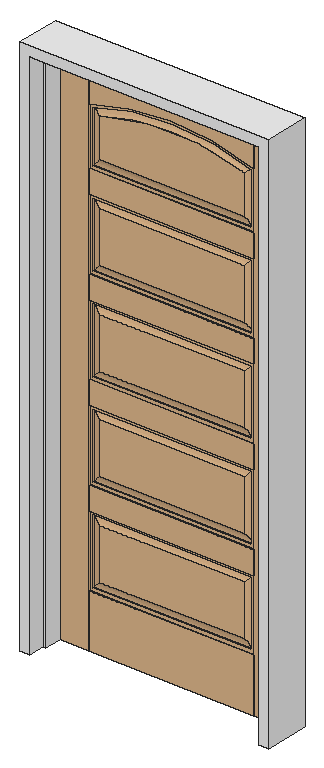
Revit family
Parameters (values of type "1 3/4" Raised Panel")
  URL = "http://www.karonadoor.com"
  Thickness Note = "Do not edit thickness."  # constant formula
  Thickness = 1.774"
  Swing Angle 2D = 90.00°
  SmartBIM Object Version = 1  # constant formula
  SmartBIM Object Created By = "Reed Construction Data"  # constant formula
  Rough Width = 0.000"
  Rough Height = 1.750"
  Panel = Panel_A3050_Karona : 1 3/4" Raised
  Model = "A3050 Mission"  # constant formula
  Manufacturer = "Karona , Inc."  # constant formula
  Door Panel = Wood, Cherry - Grain Vertical
  Detail Door Thickness = 1.750"
  Assembly Code = ""
  Top Rail Height = 5.000"
  Top Rail = Wood, Cherry - Grain Horizontal
  Stile Width = 5.063"
  Stile = Wood, Cherry - Grain Vertical
  Sticking = Wood, Cherry - Grain Vertical
  Middle Rail = Wood, Cherry - Grain Horizontal
  Height = 84.000"
  Wall Closure = (empty or 0)
  Width = 36.000"
  Frame = Metal
  Bottom Rail Height = 8.500"
  Bottom Rail = Wood, Cherry - Grain Horizontal
  95 CSI = "08210"  # constant formula
  04 CSI = "08 14 33"  # constant formula
Types (9): name | Thickness | Rough Height | Panel | Door Panel | Detail Door Thickness
  1 3/4" Flat Panel | 1.774" | 1.750" | Panel_A3050_Karona : 1 3/4" - Flat Panel | Wood, Cherry - Grain Vertical | 1.750"
  1 3/8" Flat Panel | 1.334" | 0.000" | Panel_A3050_Karona : 1 3/8" - Flat Panel | Wood, Cherry - Grain Vertical | 1.375"
  2 1/4" Flat Panel | 2.250" | 0.000" | Panel_A3050_Karona : 2 1/4" - Flat Panel | Wood, Cherry - Grain Vertical | 2.250"
  1 3/4" Glass Panel | 1.774" | 1.750" | Panel_A3050_Karona : 1 3/4" - Glass Panel | Glass | 1.750"
  1 3/8" Glass Panel | 1.334" | 0.000" | Panel_A3050_Karona : 1 3/8" - Glass Panel | Glass | 1.375"
  2 1/4" Glass Panel | 2.250" | 0.000" | Panel_A3050_Karona : 2 1/4" - Glass | Glass | 2.250"
  1 3/4" Raised Panel | 1.774" | 1.750" | Panel_A3050_Karona : 1 3/4" Raised | Wood, Cherry - Grain Vertical | 1.750"
  1 3/8" Raised Panel | 1.334" | 0.000" | Panel_A3050_Karona : 1 3/8"Raised | Wood, Cherry - Grain Vertical | 1.375"
  2 1/4" Raised Panel | 2.250" | 0.000" | Panel_A3050_Karona : 2 1/4" Raised | Wood, Cherry - Grain Vertical | 2.250"
Reference planes (in)
  plane 1 "Center (Front/Back)": y = 0
  plane 2 "Center (Left/Right)": x = 0
  plane 3 "Left": x = -18
  plane 4 "Right": x = 18
  plane 5 "Top": z = 84
  plane 6 "Exterior Edge of Frame": y = 2.334
  plane 7 "Interior Edge of Frame": y = -4.666
  plane 8: y = 0.56
  plane 9: y = -2.166
  plane 10 "Opening Left": x = -19.5
  plane 11 "Opening Right": x = 19.5
  plane 12 "Top of Opening": z = 85.5
  plane 13: x = -17.5
Forms (in)
  Sweep 1, solid, material "Metal" <- "Frame"
    path origin (0, 0, 0) x (1, 0, 0) y (0, 0, 1)
      loop
        line (-19.5, 0) -> (-19.5, 85.5) -> (19.5, 85.5) -> (19.5, 0)
    profile origin (-19.5, 0, 42.75) x (-1, 0, 0) y (0, -1, 0)
      loop
        line (0, -2.334) -> (0, 4.666) -> (-1.5, 4.666) -> (-1.5, 2.166) -> (-2, 2.166) -> (-2, -0.56) -> (-1.5, -0.56) -> (-1.5, -2.334) -> (0, -2.334)
Lines and regions (in)
  Opening 1
    outline origin (-90, -4.166, 0) x (1, 0, 0) y (0, 0, 1)
      loop
        line (70.5, 0) -> (109.5, 0) -> (109.5, 85.5) -> (70.5, 85.5) -> (70.5, 0)
  symbolic lines, style "Elevation Swing"
    curve 1: line (18, 1.834, 0) -> (-18, 1.834, 42)
    curve 2: line (-18, 1.834, 42) -> (18, 1.834, 84)
Text (in)
  text "Exterior" at (-46.13199, -14.93641, 0), in view "Ref. Level"
  text "Interior" at (-46.13199, 29.36774, 0), in view "Ref. Level"
  text "Exterior" at (0, 40.15149, 123.01588), in view "Right"
  text "Interior" at (0, -64.39139, 123.01588), in view "Right"
  text "Interior" at (0, -31.01599, 123.00693), in view "Left"
  text "Exterior" at (0, 54.57065, 123.00693), in view "Left"
Dimensions and locks (in)
  "Height": level to plane 5 "Top"
  "Width": plane 3 "Left" to plane 4 "Right"
  equal spacing: host wall, curve 2, plane 5 "Top"
  locked: host wall to plane 7 "Interior Edge of Frame" at 0.5
  locked: plane 6 "Exterior Edge of Frame" to host wall at 0.5
  locked: plane 9 to plane 7 "Interior Edge of Frame" at 2.5
  "Thickness": plane 6 "Exterior Edge of Frame" to plane 8
  equal spacing: plane 3 "Left", plane 2 "Center (Left/Right)", plane 4 "Right"
  locked: plane 4 "Right" to plane 11 "Opening Right" at 1.5
  locked: plane 5 "Top" to plane 12 "Top of Opening" at 1.5
  locked: plane 3 "Left" to plane 13 at 0.5
  locked: plane 10 "Opening Left" to plane 3 "Left" at 1.5
  aligned and locked: Opening 1 sketch curve to level
  aligned and locked: plane 4 "Right" to curve 1
  aligned and locked: plane 3 "Left" to curve 1
  aligned and locked: plane 5 "Top" to curve 2
  aligned and locked: Opening 1 sketch curve to plane 11 "Opening Right"
  aligned and locked: plane 12 "Top of Opening" to Opening 1 sketch curve
  aligned and locked: Opening 1 sketch curve to plane 10 "Opening Left"
  aligned and locked: plane 10 "Opening Left" to Sweep 1 sketch curve
  aligned and locked: plane 12 "Top of Opening" to Sweep 1 sketch curve
  aligned and locked: plane 11 "Opening Right" to Sweep 1 sketch curve
  aligned and locked: level to Sweep 1 sketch curve  (x2)
  aligned and locked: Sweep 1 sketch curve to plane 10 "Opening Left"
  aligned and locked: Sweep 1 sketch curve to plane 6 "Exterior Edge of Frame"
  aligned and locked: Sweep 1 sketch curve to plane 7 "Interior Edge of Frame"
  aligned and locked: Sweep 1 sketch curve to plane 8
  aligned and locked: Sweep 1 sketch curve to plane 9
  aligned and locked: plane 13 to Sweep 1 sketch curve
  aligned and locked: plane 3 "Left" to Sweep 1 sketch curve  (x2)
  aligned and locked: nested 2 to plane 3 "Left"
  aligned and locked: nested 2 to plane 8
  aligned and locked: nested 1 to plane 6 "Exterior Edge of Frame"
Automatic sketch dimensions
  curve 1 to level = 0.000"
  curve 2 to plane 4 "Right" = 0.000"
Nested families (in)
  nested 1: "Panel_A3050_Karona" at (-13.5, 0.45519, -1) x (-1, 0, 0) z (0, 0, 1), type <- "Panel", type "1 3/4" Raised"
    with Top Rail Height 5.000", Thickness 1.774", Stile Width 5.063", Radius Vertical Center 43.92188", Panel Width 25.874", Panel Height 11.19687"
  nested 2: "Door Panel Plan View" at (-31.5, 0.56, 0) x (-1, 0, 0) z (0, 0, 1), type "Door Panel Plan View"
    with Thickness 1.750", Height 84.000"
Definition of nested family "Panel_A3050_Karona"
  Parameters (values of type "2 1/4" - Glass")
    Width = 36.000"
    Top Rail Material = Wood, Cherry - Grain Horizontal
    Top Rail Height = 7.07812"
    Thickness Note = "Do not change door thickness"  # constant formula
    Thickness = 2.250"
    Stile Width = 5.0625"
    Stile Material = Wood, Cherry - Grain Vertical
    Sticking Material = Wood, Cherry - Grain Vertical
    Radius Vertical Center = 38.92188" + Top Rail Height  # 46.000"
    Radius = 33.63672"  # constant formula
    Panel Width = Width - (2 * Stile Width)  # 25.875"
    Panel Height = (Height - (Bottom Rail + Top Rail Height + (4 * Middle Strip Width))) / 5  # 10.78438"
    Panel = Glass-Sticking-Assembly-Mission_Karona : Glass Panel
    Middle Strip Width = 3.625"
    Height = 84.000"
    Door Panel Material = Glass
    Default Elevation = 0.000"  # constant formula
    Bottom Rail Material = Wood, Cherry - Grain Horizontal
    Bottom Rail = 8.500"
    Assembly Code = ""
    Arch Panel = Glass-Sticking-Arched-Assembly-Mission_Karona : Glass Panel
  Types (9): name | Top Rail Height | Thickness | Stile Width | Panel Width | Panel Height | Panel | Middle Strip Width | Door Panel Material | Arch Panel
    1 3/8"Raised | 7.07812" | 1.375" | 5.0625" | 25.875" | 10.78438" | Glass-Sticking-Assembly-Mission_Karona : Raised Panel | 3.625" | Wood, Cherry - Grain Vertical | Glass-Sticking-Arched-Assembly-Mission_Karona : Raised Panel
    2 1/4" Raised | 7.07813" | 2.250" | 5.0625" | 25.875" | 10.78438" | Glass-Sticking-Assembly-Mission_Karona : Raised Panel | 3.625" | Wood, Cherry - Grain Vertical | Glass-Sticking-Arched-Assembly-Mission_Karona : Raised Panel
    1 3/4" Raised | 7.07812" | 1.77344" | 5.05859" | 25.88281" | 10.78125" | Glass-Sticking-Assembly-Mission_Karona : Raised Panel | 3.62891" | Wood, Cherry - Grain Vertical | Glass-Sticking-Arched-Assembly-Mission_Karona : Raised Panel
    1 3/8" - Flat Panel | 7.07813" | 1.77344" | 5.0625" | 25.875" | 10.78438" | Glass-Sticking-Assembly-Mission_Karona : Flat Panel | 3.625" | Wood, Cherry - Grain Vertical | Glass-Sticking-Arched-Assembly-Mission_Karona : Flat Panel
    1 3/8" - Glass Panel | 7.07812" | 1.375" | 5.0625" | 25.875" | 10.78438" | Glass-Sticking-Assembly-Mission_Karona : Glass Panel | 3.625" | Glass | Glass-Sticking-Arched-Assembly-Mission_Karona : Glass Panel
    1 3/4" - Glass Panel | 7.07812" | 1.750" | 5.0625" | 25.875" | 10.78438" | Glass-Sticking-Assembly-Mission_Karona : Glass Panel | 3.625" | Glass | Glass-Sticking-Arched-Assembly-Mission_Karona : Glass Panel
    1 3/4" - Flat Panel | 7.07813" | 1.77344" | 5.0625" | 25.875" | 10.78438" | Glass-Sticking-Assembly-Mission_Karona : Flat Panel | 3.625" | Wood, Cherry - Grain Vertical | Glass-Sticking-Arched-Assembly-Mission_Karona : Glass Panel
    2 1/4" - Glass | 7.07812" | 2.250" | 5.0625" | 25.875" | 10.78438" | Glass-Sticking-Assembly-Mission_Karona : Glass Panel | 3.625" | Glass | Glass-Sticking-Arched-Assembly-Mission_Karona : Glass Panel
    2 1/4" - Flat Panel | 7.07813" | 2.250" | 5.063" | 25.874" | 10.78438" | Glass-Sticking-Assembly-Mission_Karona : Flat Panel | 3.625" | Wood, Cherry - Grain Vertical | Glass-Sticking-Arched-Assembly-Mission_Karona : Glass Panel
  Reference planes (in)
    plane 1 "Center (Front/Back)": y = 1.22981
    plane 2: z = 1
    plane 3 "Center (Left/Right)": x = -13.5
    plane 4 "Left": x = -31.5
    plane 5: x = 4.5
    plane 6 "Inner Left": x = -26.4375
    plane 7: x = -15.3125
    plane 8 "Inner Right": x = -0.5625
    plane 9: x = -11.6875
    plane 10: z = 9.5
    plane 11 "Bottom Of Top Rail": z = 77.92187
    plane 12 "Top": z = 85
    plane 13 "Interior Edge of Door": y = 2.35481
    plane 14 "Exterior Edge of Door": y = 0.10481
    plane 15 "Bottom of Glass": y = 0.9095
    plane 16: x = -20.875
    plane 17: x = -6.125
    plane 18: z = 65.325
    plane 19: z = 36.50625
    plane 20: z = 22.09687
    plane 21: z = 63.5125
    plane 22: z = 67.1375
    plane 23: z = 34.69375
    plane 24: z = 38.31875
    plane 25: z = 23.90937
    plane 26: z = 20.28437
    plane 27: z = 52.72812
    plane 28: z = 50.91562
    plane 29: z = 49.10312
    plane 30 "Radius Vertical Center": z = 39
  Forms (in)
    Extrusion 1, solid, material "Wood, Cherry - Grain Horizontal" <- "Bottom Rail Material"
      sketch origin (0, -101.3125, 8.83203) x (1, 0, 0) y (0, 0, 1)
        loop
          line (-26.4375, -7.83203) -> (-0.5625, -7.83203) -> (-0.5625, 0.66797) -> (-26.4375, 0.66797) -> (-26.4375, -7.83203)
      from -103.66731 to -101.41731
    Extrusion 2, solid, material "Wood, Cherry - Grain Vertical" <- "Stile Material"
      sketch origin (0, 1.22981, 8.83203) x (1, 0, 0) y (0, 0, 1)
        loop
          line (-31.5, 76.16797) -> (-31.5, -7.83203) -> (-26.4375, -7.83203) -> (-26.4375, 76.16797) -> (-31.5, 76.16797)
        loop
          line (-0.5625, -7.83203) -> (4.5, -7.83203) -> (4.5, 76.16797) -> (-0.5625, 76.16797) -> (-0.5625, -7.83203)
      from -1.125 to 1.125
    Extrusion 3, solid, material "Wood, Cherry - Grain Horizontal" <- "Bottom Rail Material"
      sketch origin (0, 1.22981, -18.16797) x (1, 0, 0) y (0, 0, 1)
        loop
          line (-26.4375, 85.30547) -> (-26.4375, 81.68047) -> (-0.5625, 81.68047) -> (-0.5625, 85.30547) -> (-26.4375, 85.30547)
        loop
          line (-26.4375, 56.48672) -> (-26.4375, 52.86172) -> (-0.5625, 52.86172) -> (-0.5625, 56.48672) -> (-26.4375, 56.48672)
        loop
          line (-26.4375, 42.07734) -> (-26.4375, 38.45234) -> (-0.5625, 38.45234) -> (-0.5625, 42.07734) -> (-26.4375, 42.07734)
        loop
          line (-0.5625, 70.89609) -> (-26.4375, 70.89609) -> (-26.4375, 67.27109) -> (-0.5625, 67.27109) -> (-0.5625, 70.89609)
      from -1.125 to 1.125
    Extrusion 4, solid, material "Wood, Cherry - Grain Horizontal" <- "Top Rail Material"
      sketch origin (0, 1.22981, 0) x (1, 0, 0) y (0, 0, 1)
        loop
          line (-26.4375, 85) -> (-26.4375, 75.71004)
          arc (-26.4375, 75.71004) -> (-13.5, 77.92308) -> (-0.5625, 75.71004) r 38.92308
          line (-0.5625, 75.71004) -> (-0.5625, 85) -> (-26.4375, 85)
      from -1.125 to 1.125
  Lines and regions (in)
    symbolic lines, style "InvisibleLines"
      curve 1: line (-13.5, 2.35481, 85) -> (-13.5, 0.10481, 85)
  Text (in)
    text "EXTERIOR" at (-34.59289, -1.27941, 0), in view "Ref. Level"
    text "EXTERIOR" at (0, -9.65287, 72.76687), in view "Left"
    text "EXTERIOR" at (0, -33.33473, 96.68074), in view "Right"
  Dimensions and locks (in)
    equal spacing: plane 4 "Left", plane 3 "Center (Left/Right)", plane 5
    "Width": plane 4 "Left" to plane 5
    "Stile Width": plane 4 "Left" to plane 6 "Inner Left"
    "Stile Width": plane 5 to plane 8 "Inner Right"
    "Middle Strip Width": plane 9 to plane 7
    equal spacing: plane 9, plane 3 "Center (Left/Right)", plane 7
    "Bottom Rail": plane 10 to plane 2
    "Top Rail Height": plane 12 "Top" to plane 11 "Bottom Of Top Rail"
    "Height": plane 12 "Top" to plane 2
    equal spacing: plane 13 "Interior Edge of Door", plane 1 "Center (Front/Back)", plane 14 "Exterior Edge of Door"
    "Thickness": plane 13 "Interior Edge of Door" to plane 14 "Exterior Edge of Door"
    locked: plane 15 "Bottom of Glass" to plane 14 "Exterior Edge of Door" at 0.80469
    equal spacing: plane 7, plane 16, plane 6 "Inner Left"
    equal spacing: plane 8 "Inner Right", plane 17, plane 9
    equal spacing: plane 25, plane 20, plane 26
    "Middle Strip Width": plane 25 to plane 26
    equal spacing: plane 24, plane 19, plane 23
    "Middle Strip Width": plane 24 to plane 23
    equal spacing: plane 22, plane 18, plane 21
    "Middle Strip Width": plane 22 to plane 21
    "Panel Height": plane 11 "Bottom Of Top Rail" to plane 22
    "Panel Height": plane 23 to plane 25
    equal spacing: plane 27, plane 28, plane 29
    "Panel Height": plane 29 to plane 24
    "Middle Strip Width": plane 27 to plane 29
    "Panel Height": plane 21 to plane 27
    "Radius Vertical Center": plane 12 "Top" to plane 30 "Radius Vertical Center"
    plane 26 to plane 10 = 10.78437"
    radius of Extrusion 4 sketch curve = 38.92308"
    aligned and locked: Extrusion 1 to plane 2
    aligned and locked: plane 13 "Interior Edge of Door" to Extrusion 1
    aligned and locked: plane 4 "Left" to Extrusion 2 sketch curve
    aligned and locked: Extrusion 2 sketch curve to plane 12 "Top"
    aligned and locked: Extrusion 2 sketch curve to Extrusion 1  (x3)
    aligned and locked: Extrusion 1 to Extrusion 2 sketch curve
    aligned and locked: plane 12 "Top" to Extrusion 2 sketch curve
    aligned and locked: plane 5 to Extrusion 2 sketch curve
    aligned and locked: plane 13 "Interior Edge of Door" to Extrusion 2
    aligned and locked: Extrusion 2 to plane 14 "Exterior Edge of Door"
    aligned and locked: Extrusion 1 to Extrusion 2
    aligned and locked: Extrusion 2 to plane 8 "Inner Right"
    aligned and locked: plane 22 to Extrusion 3 sketch curve
    aligned and locked: plane 21 to Extrusion 3 sketch curve
    aligned and locked: Extrusion 3 sketch curve to plane 8 "Inner Right"
    aligned and locked: plane 6 "Inner Left" to Extrusion 3 sketch curve  (x3)
    aligned and locked: plane 24 to Extrusion 3 sketch curve
    aligned and locked: Extrusion 2 to Extrusion 3 sketch curve  (x2)
    aligned and locked: plane 23 to Extrusion 3 sketch curve
    aligned and locked: plane 25 to Extrusion 3 sketch curve
    aligned and locked: plane 26 to Extrusion 3 sketch curve
    aligned and locked: plane 13 "Interior Edge of Door" to Extrusion 3
    aligned and locked: Extrusion 3 to plane 14 "Exterior Edge of Door"
    aligned and locked: level to plane 2
    aligned and locked: Extrusion 3 to plane 25
    aligned and locked: plane 25 to nested 1
    aligned and locked: plane 3 "Center (Left/Right)" to nested 2
    aligned and locked: plane 3 "Center (Left/Right)" to nested 1
    aligned and locked: curve 1 to Extrusion 1
    aligned and locked: curve 1 to plane 3 "Center (Left/Right)"
    aligned and locked: Extrusion 3 to plane 6 "Inner Left"
    aligned and locked: plane 8 "Inner Right" to Extrusion 3 sketch curve
    aligned and locked: plane 27 to Extrusion 3 sketch curve
    aligned and locked: Extrusion 3 to plane 21
    aligned and locked: Extrusion 3 to plane 29
    aligned and locked: plane 27 to Extrusion 3
    aligned and locked: Extrusion 3 to plane 22
    aligned and locked: plane 5 to Extrusion 2
    aligned and locked: Extrusion 2 to level  (x2)
    aligned and locked: Extrusion 1 to level
    aligned and locked: plane 4 "Left" to Extrusion 2
    aligned and locked: plane 12 "Top" to Extrusion 2  (x2)
    aligned and locked: Extrusion 4 sketch curve to plane 12 "Top"
    aligned and locked: Extrusion 4 sketch curve to plane 8 "Inner Right"
    aligned and locked: Extrusion 4 sketch curve to plane 6 "Inner Left"
    aligned and locked: plane 30 "Radius Vertical Center" to Extrusion 4 sketch curve
    aligned and locked: plane 3 "Center (Left/Right)" to Extrusion 4 sketch curve
    aligned and locked: plane 13 "Interior Edge of Door" to Extrusion 4
    aligned and locked: Extrusion 4 to plane 14 "Exterior Edge of Door"
    aligned and locked: nested 4 to plane 10
    aligned and locked: plane 3 "Center (Left/Right)" to nested 4
    aligned and locked: plane 24 to nested 2
    aligned and locked: nested 3 to plane 27
    aligned and locked: nested 3 to nested 2
    aligned and locked: plane 3 "Center (Left/Right)" to nested 3
    aligned and locked: plane 3 "Center (Left/Right)" to nested 5
    aligned and locked: plane 22 to nested 5
    aligned and locked: nested 5 to plane 1 "Center (Front/Back)"
  Automatic sketch dimensions
    Extrusion 1 sketch curve to plane 6 "Inner Left" = 0.000"
    Extrusion 1 sketch curve to plane 8 "Inner Right" = 0.000"
    Extrusion 1 sketch curve to level = 0.000"
    Extrusion 1 sketch curve to plane 10 = 0.000"
    Extrusion 3 sketch curve to plane 6 "Inner Left" = 0.000"
    Extrusion 3 sketch curve to plane 29 = 0.000"
    curve 1 to plane 14 "Exterior Edge of Door" = 0.000"
  Nested families (in)
    nested 1: "Glass-Sticking-Assembly-Mission_Karona" at (-13.96875, 1.12831, 23.90937), Width <- "Panel Width", Height <- "Panel Height", type <- "Panel", type "Glass Panel"
      with Width 25.875", Height 10.78438", Door Thickness 2.250", C 0.439", B 0.803", A 0.433"
    nested 2: "Glass-Sticking-Assembly-Mission_Karona" at (-13.96875, 1.12831, 38.31875), Width <- "Panel Width", Height <- "Panel Height", type <- "Panel", type "Glass Panel"
      with Width 25.875", Height 10.78438", Door Thickness 2.250", C 0.439", B 0.803", A 0.433"
    nested 3: "Glass-Sticking-Assembly-Mission_Karona" at (-13.96875, 1.12831, 52.72812), Width <- "Panel Width", Height <- "Panel Height", type <- "Panel", type "Glass Panel"
      with Width 25.875", Height 10.78438", Door Thickness 2.250", C 0.439", B 0.803", A 0.433"
    nested 4: "Glass-Sticking-Assembly-Mission_Karona" at (-13.96875, 1.12831, 9.5), Width <- "Panel Width", Height <- "Panel Height", type <- "Panel", type "Glass Panel"
      with Width 25.875", Height 10.78438", Door Thickness 2.250", C 0.439", B 0.803", A 0.433"
    nested 5: "Glass-Sticking-Arched-Assembly-Mission_Karona" at (-13.96875, 1.37831, 67.1375), type <- "Arch Panel", Width <- "Panel Width", Height <- "Panel Height", type "Glass Panel"
      with Width 25.875", Radius 38.922", Height 10.78438", Drop 2.2131", Curve Adjustment 38.922"
  Definition of nested family "Glass-Sticking-Assembly-Mission_Karona"
    Parameters (values of type "Raised Panel")
      Width [instance] = 10.000"
      Stop Adjustment = if(and(not(Glass Panel), Door Thickness = 1.774"), 0.513", if(and(not(Glass Panel), Door Thickness = 2.250"), 0.513", if((Glass Panel), 0.125", 0.273")))  # 0.273"
      Profile = Wood, Cherry - Grain Vertical
      Height [instance] = 10.000"
      Raised Panel = yes
      Interior Panel = Wood, Cherry - Grain Vertical
      Glass Panel = no
      Door Thickness = 1.334"
      C = if(Door Thickness = 1.774", 0.200", if(Door Thickness = 2.250", 0.439", 0.191"))  # 0.191"
      B = if(Door Thickness = 1.774", 0.567", if(Door Thickness = 2.250", 0.803", 0.469"))  # 0.469"
      Assembly Code = ""
      A = if(Door Thickness = 1.774", 0.197", if(Door Thickness = 2.250", 0.433", 0.194"))  # 0.194"
    Types (3): name | Width | Stop Adjustment | Height | Raised Panel | Glass Panel | Door Thickness
      Glass Panel | 19.000" | 0.125" | 23.000" | no | yes | 1.750"
      Flat Panel | 4.500" | 0.273" | 23.000" | no | no | 1.750"
      Raised Panel | 10.000" | 0.273" | 10.000" | yes | no | 1.334"
    Reference planes (in)
      plane 1 "Stop Adjustment Edge": y = -0.3455
      plane 2: z = 0
      plane 3 "Center (Left/Right)": x = 0.46875
      plane 4 "Back": y = 0.3945
      plane 5 "Front": y = -0.9395
      plane 6 "Left": x = -4.53125
      plane 7 "Right": x = 5.46875
      plane 8 "Top": z = 10
      plane 9 "Center (Up/Down)": z = 5
      plane 10 "Bottom of Stop": y = -0.0725
      plane 11 "Bottom of Glass": y = -0.4705
      plane 12 "Right Edge of Glass": x = 5.41875
      plane 13 "Left Edge of Glass": x = -4.48125
      plane 14 "Top Edge of Glass": z = 9.90625
      plane 15 "Bottom Edge of Glass": z = 0.09375
      plane 16: x = 5.34375
      plane 17: x = 9.40625
      plane 18 "A": y = -0.7455
      plane 19 "C": y = 0.2035
      plane 20: z = 0.438
      plane 21: z = 9.562
      plane 22: x = -4.09325
      plane 23: x = 5.03075
      plane 24 "Center (Front/Back)": y = -0.2725
    Forms (in)
      Sweep 1, solid, material "Wood, Cherry - Grain Vertical" <- "Profile"
        path origin (0, -0.3455, 0) x (1, 0, 0) y (0, 0, 1)
          loop
            line (5.46875, 10) -> (-4.53125, 10) -> (-4.53125, 0) -> (5.46875, 0) -> (5.46875, 10)
        profile origin (5.46875, -0.3455, 5) x (0, -1, 0) y (1, 0, 0)
          loop
            line (-0.549, 0) -> (-0.549, -0.438) -> (-0.273, -0.438) -> (-0.273, -0.05) -> (0.125, -0.05) -> (0.125, -0.438) -> (0.4, -0.438) -> (0.4, 0) -> (-0.549, 0)
      Extrusion 2, solid, material "Wood, Cherry - Grain Vertical" <- "Interior Panel"
        sketch origin (0, 0, 0) x (1, 0, 0) y (0, 1, 0)
          loop
            line (-4.48125, -0.0725) -> (-4.48125, -0.4705) -> (5.41875, -0.4705) -> (5.41875, -0.0725) -> (-4.48125, -0.0725)
        from 0.09375 to 9.90625
      Extrusion 3, solid, material "Wood, Cherry - Grain Vertical" <- "Profile", visible <- "Raised Panel"
        sketch origin (0, 0, 0) x (1, 0, 0) y (0, 1, 0)
          loop
            line (5.03075, 0.2035) -> (-4.09325, 0.2035) -> (-4.09325, -0.0725) -> (5.03075, -0.0725) -> (5.03075, 0.2035)
          loop
            line (-4.09325, -0.4705) -> (-4.09325, -0.7455) -> (5.03075, -0.7455) -> (5.03075, -0.4705) -> (-4.09325, -0.4705)
        from 0.438 to 9.562
      Sweep 4, void
        path origin (0, -0.0725, 0) x (-1, 0, 0) y (0, 0, 1)
          loop
            line (4.53125, 0) -> (4.53125, 10) -> (-5.46875, 10) -> (-5.46875, 0) -> (4.53125, 0)
        profile "Profile : 05" origin (-4.53125, -0.0725, 5) x (1, 0, 0) y (0, 1, 0)
          loop
            line (0, 0.05) -> (0.36169, 0.05096)
            arc (0.36169, 0.05096) -> (1.01257, 0.13642) -> (1.61934, 0.387) r 2.52143
            line (1.61934, 0.387) -> (0, 0.387) -> (0, 0.05)
      Sweep 5, void
        path origin (0, -0.4705, 0) x (-1, 0, 0) y (0, 0, 1)
          loop
            line (-5.46875, 10) -> (-5.46875, 0) -> (4.53125, 0) -> (4.53125, 10) -> (-5.46875, 10)
        profile "Profile : 05" origin (5.46875, -0.4705, 5) x (-1, 0, 0) y (0, 1, 0)
          loop
            line (0, -0.05) -> (0, -0.387) -> (1.61934, -0.387)
            arc (1.61934, -0.387) -> (1.01257, -0.13642) -> (0.36169, -0.05096) r 2.52143
            line (0.36169, -0.05096) -> (0, -0.05)
    Cuts and joins
      Sweep 4, Sweep 5 cuts Extrusion 3
    Text (in)
      text "INTERIOR" at (-14.3788, 3.49864, 0), in view "Ref. Level"
    Dimensions and locks (in)
      equal spacing: plane 6 "Left", plane 3 "Center (Left/Right)", plane 7 "Right"
      "Width": plane 6 "Left" to plane 7 "Right"
      "Door Thickness": plane 4 "Back" to plane 5 "Front"
      "Height": plane 8 "Top" to plane 2
      equal spacing: plane 8 "Top", plane 9 "Center (Up/Down)", level
      locked: plane 1 "Stop Adjustment Edge" to plane 11 "Bottom of Glass" at 0.125
      "Stop Adjustment": plane 10 "Bottom of Stop" to plane 1 "Stop Adjustment Edge"
      locked: plane 12 "Right Edge of Glass" to plane 7 "Right" at 0.05
      locked: plane 8 "Top" to plane 14 "Top Edge of Glass" at 0.09375
      locked: plane 15 "Bottom Edge of Glass" to level at 0.09375
      locked: plane 6 "Left" to plane 13 "Left Edge of Glass" at 0.05
      "B": plane 5 "Front" to plane 11 "Bottom of Glass"
      locked: plane 16 to plane 7 "Right" at 0.125
      "A": plane 5 "Front" to plane 18 "A"
      "C": plane 19 "C" to plane 4 "Back"
      plane 4 "Back" to Sweep 1 = 0.467"
      locked: plane 20 to level at 0.438
      locked: plane 8 "Top" to plane 21 at 0.438
      locked: plane 6 "Left" to plane 22 at 0.438
      locked: plane 23 to plane 7 "Right" at 0.438
      equal spacing: plane 4 "Back", plane 24 "Center (Front/Back)", plane 5 "Front"
      aligned and locked: Sweep 1 sketch curve to plane 7 "Right"
      aligned and locked: Sweep 1 sketch curve to plane 8 "Top"
      aligned and locked: Sweep 1 sketch curve to plane 6 "Left"
      aligned and locked: Sweep 1 sketch curve to level
      aligned and locked: plane 7 "Right" to Sweep 1 sketch curve
      aligned and locked: plane 10 "Bottom of Stop" to Sweep 1 sketch curve
      aligned and locked: plane 11 "Bottom of Glass" to Sweep 1 sketch curve
      aligned and locked: plane 18 "A" to Sweep 1 sketch curve
      aligned and locked: Sweep 1 sketch curve to plane 19 "C"
      aligned and locked: Extrusion 2 sketch curve to plane 13 "Left Edge of Glass"
      aligned and locked: Extrusion 2 sketch curve to plane 10 "Bottom of Stop"
      aligned and locked: Extrusion 2 sketch curve to plane 11 "Bottom of Glass"
      aligned and locked: Extrusion 2 sketch curve to plane 12 "Right Edge of Glass"
      aligned and locked: plane 14 "Top Edge of Glass" to Extrusion 2
      aligned and locked: Extrusion 2 to plane 15 "Bottom Edge of Glass"
      aligned and locked: Extrusion 3 sketch curve to plane 19 "C"
      aligned and locked: Extrusion 3 sketch curve to plane 10 "Bottom of Stop"
      aligned and locked: Extrusion 3 sketch curve to plane 11 "Bottom of Glass"
      aligned and locked: Extrusion 3 sketch curve to plane 18 "A"
      aligned and locked: Extrusion 3 to plane 20
      aligned and locked: Extrusion 3 to plane 21
      aligned and locked: plane 12 "Right Edge of Glass" to Sweep 1 sketch curve
      aligned and locked: plane 23 to Extrusion 3 sketch curve  (x2)
      aligned and locked: Extrusion 3 sketch curve to plane 22  (x2)
      aligned and locked: plane 23 to Sweep 1 sketch curve  (x2)
      aligned and locked: Sweep 5 sketch curve to plane 6 "Left"
      aligned and locked: plane 8 "Top" to Sweep 5 sketch curve
      aligned and locked: Sweep 5 sketch curve to plane 7 "Right"
      aligned and locked: level to Sweep 5 sketch curve
      aligned and locked: Sweep 4 sketch curve to plane 7 "Right"
      aligned and locked: plane 8 "Top" to Sweep 4 sketch curve
      aligned and locked: Sweep 4 sketch curve to plane 6 "Left"
      aligned and locked: level to Sweep 4 sketch curve
  Definition of nested family "Glass-Sticking-Arched-Assembly-Mission_Karona"
    Parameters (values of type "Raised Panel")
      Curve Adjustment [instance] = Height - (Height - Radius)  # 38.922"
      Width [instance] = 16.000"
      Stop Adjustment = if(and(not(Glass Panel), Door Thickness = 1.774"), 0.513", if(and(not(Glass Panel), Door Thickness = 2.250"), 0.513", if((Glass Panel), 0.125", 0.273")))  # 0.273"
      Radius [instance] = 38.922"  # constant formula
      Profile = Wood, Cherry - Grain Vertical
      Height [instance] = 17.875"
      Raised Panel = yes
      Interior Panel = Wood, Cherry - Grain Vertical
      Glass Panel = no
      Drop [instance] = Radius - (sqrt((Radius ^ 2) - ((0.5 * Width) ^ 2)))  # 0.83103"
      Door Thickness = 1.334"
      C = if(Door Thickness = 1.774", 0.200", if(Door Thickness = 2.250", 0.439", 0.191"))  # 0.191"
      B = if(Door Thickness = 1.774", 0.567", if(Door Thickness = 2.250", 0.803", 0.469"))  # 0.469"
      Assembly Code = ""
      A = if(Door Thickness = 1.774", 0.197", if(Door Thickness = 2.250", 0.433", 0.194"))  # 0.194"
    Types (3): name | Width | Stop Adjustment | Raised Panel | Glass Panel | Drop | Door Thickness | C | B | A
      Glass Panel | 19.000" | 0.125" | no | yes | 1.17717" | 2.250" | 0.439" | 0.803" | 0.433"
      Flat Panel | 4.500" | 0.513" | no | no | 0.06509" | 1.774" | 0.200" | 0.567" | 0.197"
      Raised Panel | 16.000" | 0.273" | yes | no | 0.83103" | 1.334" | 0.191" | 0.469" | 0.194"
    Reference planes (in)
      plane 1 "Stop Adjustment Edge": y = -0.3455
      plane 2 "Bottom": z = 0
      plane 3 "Center (Left/Right)": x = 0.46875
      plane 4 "Back": y = 0.3945
      plane 5 "Front": y = -0.9395
      plane 6 "Left": x = -7.53125
      plane 7 "Right": x = 8.46875
      plane 8 "Top": z = 17.875
      plane 9 "Center (Up/Down)": z = 8.9375
      plane 10 "Bottom of Stop": y = -0.0725
      plane 11 "Bottom of Glass": y = -0.4705
      plane 12 "Right Edge of Glass": x = 8.41875
      plane 13 "Left Edge of Glass": x = -7.48125
      plane 14 "Top Edge of Glass": z = 17.78125
      plane 15 "Bottom Edge of Glass": z = 0.09375
      plane 16: x = 8.34375
      plane 17: x = 9.40625
      plane 18 "A": y = -0.7455
      plane 19 "C": y = 0.2035
      plane 20: z = 0.438
      plane 21: z = 17.437
      plane 22: x = -7.09325
      plane 23: x = 8.03075
      plane 24 "Center (Front/Back)": y = -0.2725
      plane 25: z = 17.04397
      plane 26: z = -21.047
      plane 27: z = 18.875
    Forms (in)
      Sweep 1, solid, material "Wood, Cherry - Grain Vertical" <- "Profile"
        path origin (0, -0.3455, 0) x (1, 0, 0) y (0, 0, 1)
          loop
            arc (8.46875, 17.04397) -> (0.46875, 17.875) -> (-7.53125, 17.04397) r 38.922
            line (-7.53125, 17.04397) -> (-7.53125, 0) -> (8.46875, 0) -> (8.46875, 17.04397)
        profile origin (8.46875, -0.3455, 8.52199) x (0, -1, 0) y (1, 0, 0)
          loop
            line (-0.549, 0) -> (-0.549, -0.438) -> (-0.273, -0.438) -> (-0.273, -0.05) -> (0.125, -0.05) -> (0.125, -0.438) -> (0.4, -0.438) -> (0.4, 0) -> (-0.549, 0)
      Extrusion 2, solid, material "Wood, Cherry - Grain Vertical" <- "Interior Panel"
        sketch origin (0, 0, 0) x (1, 0, 0) y (0, 1, 0)
          loop
            line (-7.48125, -0.0725) -> (-7.48125, -0.4705) -> (8.41875, -0.4705) -> (8.41875, -0.0725) -> (-7.48125, -0.0725)
        from 0.09375 to 17.78125
      Extrusion 3, solid, material "Wood, Cherry - Grain Vertical" <- "Profile", visible <- "Raised Panel"
        sketch origin (0, 0, 0) x (1, 0, 0) y (0, 1, 0)
          loop
            line (8.03075, 0.2035) -> (-7.09325, 0.2035) -> (-7.09325, -0.0725) -> (8.03075, -0.0725) -> (8.03075, 0.2035)
          loop
            line (-7.09325, -0.4705) -> (-7.09325, -0.7455) -> (8.03075, -0.7455) -> (8.03075, -0.4705) -> (-7.09325, -0.4705)
        from 0.438 to 17.437
      Sweep 4, void
        path origin (0, -0.0725, 0) x (-1, 0, 0) y (0, 0, 1)
          loop
            line (7.53125, 0) -> (7.53125, 17.04397)
            arc (7.53125, 17.04397) -> (-0.46875, 17.875) -> (-8.46875, 17.04397) r 38.922
            line (-8.46875, 17.04397) -> (-8.46875, 0) -> (7.53125, 0)
        profile "Profile : 05" origin (-7.53125, -0.0725, 8.52199) x (1, 0, 0) y (0, 1, 0)
          loop
            line (0, 0.05) -> (0.36169, 0.05096)
            arc (0.36169, 0.05096) -> (1.01257, 0.13642) -> (1.61934, 0.387) r 2.52143
            line (1.61934, 0.387) -> (0, 0.387) -> (0, 0.05)
      Sweep 5, void
        path origin (0, -0.4705, 0) x (-1, 0, 0) y (0, 0, 1)
          loop
            line (-8.46875, 17.04397) -> (-8.46875, 0) -> (7.53125, 0) -> (7.53125, 17.04397)
            arc (7.53125, 17.04397) -> (-0.46875, 17.875) -> (-8.46875, 17.04397) r 38.922
        profile "Profile : 05" origin (8.46875, -0.4705, 8.52199) x (-1, 0, 0) y (0, 1, 0)
          loop
            line (0, -0.05) -> (0, -0.387) -> (1.61934, -0.387)
            arc (1.61934, -0.387) -> (1.01257, -0.13642) -> (0.36169, -0.05096) r 2.52143
            line (0.36169, -0.05096) -> (0, -0.05)
      Extrusion 6, void
        sketch origin (0, 0.3945, 0) x (-1, 0, 0) y (0, 0, 1)
          loop
            line (7.53125, 18.875) -> (-8.46875, 18.875) -> (-8.46875, 17.04397)
            arc (-8.46875, 17.04397) -> (-0.46875, 17.875) -> (7.53125, 17.04397) r 38.922
            line (7.53125, 17.04397) -> (7.53125, 18.875)
        from 0 to -1.334
    Cuts and joins
      Sweep 4, Sweep 5, Extrusion 6 cuts Extrusion 3
    Text (in)
      text "INTERIOR" at (-14.3788, 3.49864, 0), in view "Ref. Level"
    Dimensions and locks (in)
      equal spacing: plane 6 "Left", plane 3 "Center (Left/Right)", plane 7 "Right"
      "Width": plane 6 "Left" to plane 7 "Right"
      "Door Thickness": plane 4 "Back" to plane 5 "Front"
      "Height": plane 8 "Top" to plane 2 "Bottom"
      equal spacing: plane 8 "Top", plane 9 "Center (Up/Down)", level
      locked: plane 1 "Stop Adjustment Edge" to plane 11 "Bottom of Glass" at 0.125
      "Stop Adjustment": plane 10 "Bottom of Stop" to plane 1 "Stop Adjustment Edge"
      locked: plane 12 "Right Edge of Glass" to plane 7 "Right" at 0.05
      locked: plane 8 "Top" to plane 14 "Top Edge of Glass" at 0.09375
      locked: plane 15 "Bottom Edge of Glass" to level at 0.09375
      locked: plane 6 "Left" to plane 13 "Left Edge of Glass" at 0.05
      "B": plane 5 "Front" to plane 11 "Bottom of Glass"
      locked: plane 16 to plane 7 "Right" at 0.125
      "A": plane 5 "Front" to plane 18 "A"
      "C": plane 19 "C" to plane 4 "Back"
      plane 4 "Back" to Sweep 1 = 0.467"
      locked: plane 20 to level at 0.438
      locked: plane 8 "Top" to plane 21 at 0.438
      locked: plane 6 "Left" to plane 22 at 0.438
      locked: plane 23 to plane 7 "Right" at 0.438
      equal spacing: plane 4 "Back", plane 24 "Center (Front/Back)", plane 5 "Front"
      "Drop": plane 8 "Top" to plane 25
      "Curve Adjustment": plane 8 "Top" to plane 26
      locked: plane 27 to plane 8 "Top" at 1
      "Radius": radius of Extrusion 6 sketch curve
      "Radius": radius of Sweep 5 sketch curve
      aligned and locked: Sweep 1 sketch curve to plane 7 "Right"
      aligned and locked: Sweep 1 sketch curve to plane 6 "Left"
      aligned and locked: Sweep 1 sketch curve to level
      aligned and locked: plane 7 "Right" to Sweep 1 sketch curve
      aligned and locked: plane 10 "Bottom of Stop" to Sweep 1 sketch curve
      aligned and locked: plane 11 "Bottom of Glass" to Sweep 1 sketch curve
      aligned and locked: plane 18 "A" to Sweep 1 sketch curve
      aligned and locked: Sweep 1 sketch curve to plane 19 "C"
      aligned and locked: Extrusion 2 sketch curve to plane 13 "Left Edge of Glass"
      aligned and locked: Extrusion 2 sketch curve to plane 10 "Bottom of Stop"
      aligned and locked: Extrusion 2 sketch curve to plane 11 "Bottom of Glass"
      aligned and locked: Extrusion 2 sketch curve to plane 12 "Right Edge of Glass"
      aligned and locked: plane 14 "Top Edge of Glass" to Extrusion 2
      aligned and locked: Extrusion 2 to plane 15 "Bottom Edge of Glass"
      aligned and locked: Extrusion 3 sketch curve to plane 19 "C"
      aligned and locked: Extrusion 3 sketch curve to plane 10 "Bottom of Stop"
      aligned and locked: Extrusion 3 sketch curve to plane 11 "Bottom of Glass"
      aligned and locked: Extrusion 3 sketch curve to plane 18 "A"
      aligned and locked: Extrusion 3 to plane 20
      aligned and locked: Extrusion 3 to plane 21
      aligned and locked: plane 12 "Right Edge of Glass" to Sweep 1 sketch curve
      aligned and locked: plane 23 to Extrusion 3 sketch curve  (x2)
      aligned and locked: Extrusion 3 sketch curve to plane 22  (x2)
      aligned and locked: plane 23 to Sweep 1 sketch curve  (x2)
      aligned and locked: Sweep 5 sketch curve to plane 6 "Left"
      aligned and locked: Sweep 5 sketch curve to plane 7 "Right"
      aligned and locked: level to Sweep 5 sketch curve
      aligned and locked: Sweep 4 sketch curve to plane 7 "Right"
      aligned and locked: Sweep 4 sketch curve to plane 6 "Left"
      aligned and locked: level to Sweep 4 sketch curve
      aligned and locked: plane 2 "Bottom" to level
      aligned and locked: Sweep 4 sketch curve to Sweep 1
      aligned and locked: plane 6 "Left" to Extrusion 6 sketch curve
      aligned and locked: Extrusion 6 to plane 5 "Front"
      aligned and locked: plane 26 to Extrusion 6 sketch curve
      aligned and locked: plane 3 "Center (Left/Right)" to Extrusion 6 sketch curve
      aligned and locked: Extrusion 6 sketch curve to plane 27
      aligned and locked: plane 7 "Right" to Extrusion 6 sketch curve
      aligned and locked: plane 26 to Sweep 5 sketch curve
      aligned and locked: plane 3 "Center (Left/Right)" to Sweep 5 sketch curve
    Automatic sketch dimensions
      Sweep 1 sketch curve to plane 26 = 0.000"
      Sweep 1 sketch curve to plane 3 "Center (Left/Right)" = 0.000"
      Sweep 1 sketch curve to plane 25 = 0.000"
      Sweep 5 sketch curve to plane 6 "Left" = 0.000"
Definition of nested family "Door Panel Plan View"
  Parameters (values of type "Door Panel Plan View")
    Width = 36.000"
    Thickness = 2.000"
    Swing Angle 2D = 90.00°
    Height = 0.000"
    Assembly Code = ""
  Reference planes (in)
    plane 1 "Center (Front/Back)": y = 0
    plane 2: z = 0
    plane 3 "Center (Left/Right)": x = -13.5
  Lines and regions (in)
    symbolic lines, style "DoorsPanelProjection"
      curve 1: line (-13.5, 0, 0) -> (-13.5, 36, 0)
      curve 2: line (-15.5, 0, 0) -> (-15.5, 36, 0)
      curve 3: line (-13.5, 0, 0) -> (-15.5, 0, 0)
      curve 4: line (-13.5, 36, 0) -> (-15.5, 36, 0)
    symbolic lines, style "Plan Swing"
      curve 5: arc (-13.5, 36, 0) -> (-38.95584, 25.45584, 0) -> (-49.5, 0, 0) r 36
  Dimensions and locks (in)
    "Width": curve 4 to curve 3
    "Thickness": curve 1 to curve 2
    "Swing Angle 2D": angle curve 1 to plane 1 "Center (Front/Back)"
    aligned and locked: plane 1 "Center (Front/Back)" to curve 5
  Automatic sketch dimensions
    curve 3 to plane 1 "Center (Front/Back)" = 0.000"
    curve 5 to plane 3 "Center (Left/Right)" = 0.000"
    curve 3 to plane 3 "Center (Left/Right)" = 0.000"
